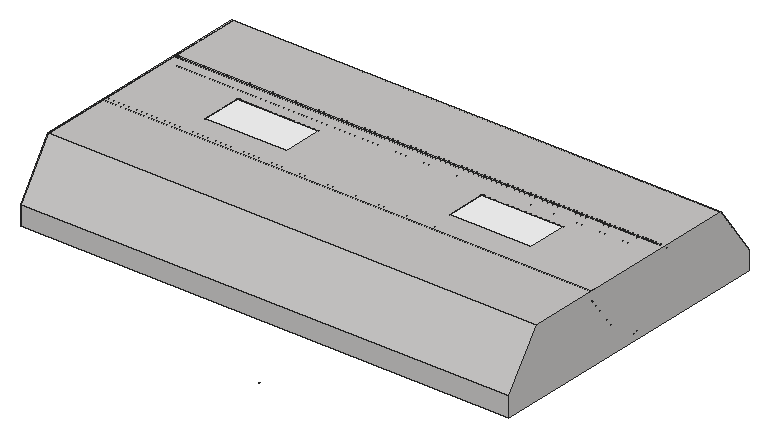
Revit family "QF_ELECTROLUXPROFESSIONAL_642373_BC2236DT", category Attrezzature speciali, Revit 2021
Family settings
  Quota connettore circolare = Usa diametro
  Tipo di parte = Normale
  Basato su piano di lavoro = No
  Sempre verticale = Sì
  Taglio con vuoti quando caricato = No
  Condiviso = No
  Punto di calcolo locali = No
Parameters (values of type "Standard")
  Weight = 133.00 kg
  Watts = 0 W
  Volts = 0 V
  URL Manufacturer = "https://www.electroluxprofessional.com/"
  URL = "https://www.electroluxprofessional.com/"
  Steam Supply Size = 0 mm
  Steam Supply Minimum Pressure = 0.0 Pa
  Steam Supply Maximum Pressure = 0.0 Pa
  Steam Consumption per Hour = 0
  Refrigeration Suction Line Size = 0 mm
  Refrigeration Liquid Line Size = 0 mm
  Refrigerant Compressor Remote = yes
  Prospetto di default = 0 mm
  Produttore = "Electrolux Professional"
  Phase = 0
  Modello = "BC2236DT"
  Length Actual = 3600 mm  # constant formula
  Item Number = "642373"
  Hot Water Size = 0 mm
  Height Actual = 500 mm  # constant formula
  HP = "0 HP"
  Gas Size = 0 mm
  Gas KW = 0
  Gas Input Pressure = 0 W
  Direct Waste Size = 0 mm
  Descrizione = "304 S/S ISLAND HOOD+FILTERS 3600X2200MM"
  Depth Actual = 2200 mm  # constant formula
  Cycle = 0 Hz
  Condensate Return Size = 0 mm
  Compressed Air Volume = 0.0 L/s
  Compressed Air Size = 0 mm
  Compressed Air Pressure = 0.0 Pa
  Cold Water Size = 0 mm
  Accessory = yes
Reference planes
  plane 1: z = 0
  plane 2 "Center (Left/Right)": x = 150
  plane 3 "LEFT": x = -1650
  plane 4 "RIGHT": x = 1950
  plane 5 "BACK": y = 550
  plane 6 "TOP": z = 2500
  plane 7 "Base": z = 2000
  plane 8: z = 1946
  plane 9: x = -1647
  plane 10 "DrainX": x = 1799
  plane 11 "AOLeft2": x = -450
  plane 12 "AORight1": x = 750
  plane 13: x = 1947
  plane 14: x = -1450
  plane 15: x = 1750
  plane 16: x = 50
  plane 17: x = 250
  plane 18 "AOLeft1": x = -1050
  plane 19 "AORight2": x = 1350
  plane 20: y = -400
  plane 21: y = -700
  plane 22 "Center (Front/Back)": y = -550
  plane 23: y = -1650
  plane 24: through (0, -601.379, 2046.209) normal (0, 0.8019, 0.5974)
  plane 25: through (0, -498.621, 2046.209) normal (0, 0.8019, -0.5974)
  plane 26: z = 2140
Forms (mm)
  Extrusion 1, solid, material "QF_Finishes_Stainless Steel"
    sketch origin (-1650, 0, 360) x (0, 1, 0) y (0, 0, 1)
      loop
        line (550, 1640) -> (550, 1780) -> (299.446, 2140) -> (-1399.446, 2140) -> (-1650, 1780) -> (-1650, 1640) -> (550, 1640)
    from 0 to 3
  Extrusion 2, solid, material "QF_Finishes_Stainless Steel"
    sketch origin (1950, 0, 360) x (0, 1, 0) y (0, 0, 1)
      loop
        line (550, 1640) -> (550, 1780) -> (299.446, 2140) -> (-1399.446, 2140) -> (-1650, 1780) -> (-1650, 1640) -> (550, 1640)
    from 0 to -3
  Extrusion 3, solid, material "QF_Finishes_Stainless Steel"
    sketch origin (150, 0, 360) x (0, 1, 0) y (0, 0, 1)
      loop
        line (-1399.446, 2140) -> (-1650, 1780) -> (-1650, 1640) -> (-1640, 1640) -> (-1640, 1640.8) -> (-1649.2, 1640.8) -> (-1649.2, 1779.739) -> (-1399.025, 2139.19) -> (299.025, 2139.19) -> (549.2, 1779.739) -> (549.2, 1640.8) -> (540, 1640.8) -> (540, 1640) -> (550, 1640) -> (550, 1780) -> (299.446, 2140) -> (-1399.446, 2140)
    from -1800 to 1800
  Extrusion 4, void
    sketch origin (0, 0, 2500) x (0, 1, 0) y (-1, 0, 0)
      loop
        line (-400, 450) -> (-400, 1050) -> (-700, 1050) -> (-700, 450) -> (-400, 450)
    from 0 to -10
  Extrusion 5, solid, material "QF_Finishes_Stainless Steel"
    sketch origin (0, 0, 0) x (1, 0, 0) y (0, 1, 0)
      loop
        line (-1650, 550) -> (-1650, 549) -> (-1649, 549) -> (-1649, 550) -> (-1650, 550)
    from 0 to 1
  Extrusion 6, solid, material "QF_Finishes_Stainless Steel"
    sketch origin (150, -400, 360) x (0, 1, 0) y (0, 0, 1)
      loop
        line (-498.883, 2085.553) -> (-201.379, 1686.209) -> (-185.34, 1698.157) -> (-482.844, 2097.501) -> (-498.883, 2085.553)
      loop
        line (198.883, 2085.553) -> (182.844, 2097.501) -> (-114.66, 1698.157) -> (-98.621, 1686.209) -> (198.883, 2085.553)
    from -1600 to -1797
  Extrusion 7, solid, material "QF_Finishes_Stainless Steel"
    sketch origin (150, -400, 360) x (0, 1, 0) y (0, 0, 1)
      loop
        arc (-83.944, 1704.554) -> (-84.545, 1704.706) -> (-85.077, 1704.389) r 0.81
        line (-85.077, 1704.389) -> (-99.535, 1684.991) -> (-116.611, 1687.002) -> (-113.609, 1712.615) -> (-114.407, 1712.708) -> (-117.406, 1687.095)
        arc (-117.406, 1687.095) -> (-117.237, 1686.499) -> (-116.695, 1686.197) r 0.81
        line (-116.695, 1686.197) -> (-99.628, 1684.196)
        arc (-99.628, 1684.196) -> (-99.213, 1684.257) -> (-98.884, 1684.517) r 0.81
        line (-98.884, 1684.517) -> (-84.436, 1703.911) -> (-73.692, 1695.919) -> (-99.855, 1660.79) -> (-200.145, 1660.79) -> (-226.308, 1695.919) -> (-215.564, 1703.911) -> (-201.116, 1684.517)
        arc (-201.116, 1684.517) -> (-200.787, 1684.257) -> (-200.372, 1684.196) r 0.81
        line (-200.372, 1684.196) -> (-183.305, 1686.197)
        arc (-183.305, 1686.197) -> (-182.763, 1686.499) -> (-182.594, 1687.095) r 0.81
        line (-182.594, 1687.095) -> (-185.593, 1712.708) -> (-186.391, 1712.615) -> (-183.389, 1687.002) -> (-200.465, 1684.991) -> (-214.923, 1704.389)
        arc (-214.923, 1704.389) -> (-215.455, 1704.706) -> (-216.056, 1704.554) r 0.81
        line (-216.056, 1704.554) -> (-226.786, 1696.561)
        arc (-226.786, 1696.561) -> (-227.103, 1696.028) -> (-226.951, 1695.427) r 0.81
        line (-226.951, 1695.427) -> (-200.843, 1660.381)
        arc (-200.843, 1660.381) -> (-200.5, 1660.093) -> (-200.063, 1659.99) r 0.972
        line (-200.063, 1659.99) -> (-99.951, 1659.99)
        arc (-99.951, 1659.99) -> (-99.502, 1660.096) -> (-99.149, 1660.393) r 1
        line (-99.149, 1660.393) -> (-73.049, 1695.427)
        arc (-73.049, 1695.427) -> (-72.897, 1696.028) -> (-73.214, 1696.561) r 0.81
        line (-73.214, 1696.561) -> (-83.944, 1704.554)
      loop
        line (-492.735, 2139.19) -> (-492.735, 2129.205) -> (-517.587, 2110.686)
        arc (-517.587, 2110.686) -> (-517.904, 2110.153) -> (-517.752, 2109.552) r 0.81
        line (-517.752, 2109.552) -> (-484.894, 2065.446) -> (-495.625, 2057.438) -> (-495.147, 2056.796) -> (-484.418, 2064.79)
        arc (-484.418, 2064.79) -> (-484.1, 2065.322) -> (-484.252, 2065.923) r 0.81
        line (-484.252, 2065.923) -> (-517.117, 2110.038) -> (-491.935, 2128.798) -> (-491.935, 2138.4) -> (-462.776, 2138.4) -> (-462.776, 2070.563) -> (-461.976, 2069.49) -> (-461.976, 2139.19) -> (-492.735, 2139.19)
      loop
        line (192.735, 2139.19) -> (161.976, 2139.19) -> (161.976, 2069.49) -> (162.776, 2070.563) -> (162.776, 2138.4) -> (191.935, 2138.4) -> (191.935, 2128.798) -> (217.117, 2110.038) -> (184.252, 2065.923)
        arc (184.252, 2065.923) -> (184.1, 2065.322) -> (184.418, 2064.79) r 0.81
        line (184.418, 2064.79) -> (195.147, 2056.796) -> (195.625, 2057.438) -> (184.894, 2065.446) -> (217.752, 2109.552)
        arc (217.752, 2109.552) -> (217.904, 2110.153) -> (217.587, 2110.686) r 0.81
        line (217.587, 2110.686) -> (192.735, 2129.205) -> (192.735, 2139.19)
    from -1797 to 1797
  Extrusion 8, solid, material "QF_Finishes_Stainless Steel"
    sketch origin (150, -400, 360) x (0, 1, 0) y (0, 0, 1)
      loop
        line (-498.883, 2085.553) -> (-201.379, 1686.209) -> (-185.34, 1698.157) -> (-482.844, 2097.501) -> (-498.883, 2085.553)
      loop
        line (198.883, 2085.553) -> (182.844, 2097.501) -> (-114.66, 1698.157) -> (-98.621, 1686.209) -> (198.883, 2085.553)
    from 1797 to 1600
  Extrusion 9, solid, material "QF_Finishes_Stainless Steel"
    sketch origin (150, -400, 360) x (0, 1, 0) y (0, 0, 1)
      loop
        line (-498.883, 2085.553) -> (-201.379, 1686.209) -> (-185.34, 1698.157) -> (-482.844, 2097.501) -> (-498.883, 2085.553)
      loop
        line (198.883, 2085.553) -> (182.844, 2097.501) -> (-114.66, 1698.157) -> (-98.621, 1686.209) -> (198.883, 2085.553)
    from -100 to 100
  Extrusion 10, solid, material "QF_Finished_Chrome"
    sketch origin (150, -400, 360) x (0, 1, 0) y (0, 0, 1)
      loop
        line (-498.883, 2085.553) -> (-201.379, 1686.209) -> (-185.34, 1698.157) -> (-482.844, 2097.501) -> (-498.883, 2085.553)
      loop
        line (198.883, 2085.553) -> (182.844, 2097.501) -> (-114.66, 1698.157) -> (-98.621, 1686.209) -> (198.883, 2085.553)
    from -1600 to -100
  Extrusion 11, solid, material "QF_Finished_Chrome"
    sketch origin (150, -400, 360) x (0, 1, 0) y (0, 0, 1)
      loop
        line (-498.883, 2085.553) -> (-201.379, 1686.209) -> (-185.34, 1698.157) -> (-482.844, 2097.501) -> (-498.883, 2085.553)
      loop
        line (198.883, 2085.553) -> (182.844, 2097.501) -> (-114.66, 1698.157) -> (-98.621, 1686.209) -> (198.883, 2085.553)
    from 100 to 1600
  Sweep 12, solid, material "QF_Finishes_Stainless Steel"
    path origin (0, 0, 0) x (1, 0, 0) y (0, 1, 0)
      loop
        line (1950, 550) -> (-1650, 550) -> (-1650, -1650) -> (1950, -1650) -> (1950, 550)
    profile origin (1950, -550, 0) x (1, 0, 0) y (0, 0, 1)
      loop
        line (-3, 2000) -> (-3, 2000.8) -> (-19, 2000.8) -> (-19, 2010) -> (-20, 2010) -> (-20, 2000) -> (-3, 2000)
  Extrusion 13, void
    sketch origin (0, 0, 2500) x (0, 1, 0) y (-1, 0, 0)
      loop
        line (-400, -1350) -> (-400, -750) -> (-700, -750) -> (-700, -1350) -> (-400, -1350)
    from 0 to -10
  Extrusion 14, solid, material "QF_Finishes_Stainless Steel"
    sketch origin (1799, 0, 0) x (0, 1, 0) y (0, 0, 1)
      loop
        arc (-518.5, 1946) -> (-511.429, 1948.929) -> (-508.5, 1956) r 10
        line (-508.5, 1956) -> (-508.5, 2000.8) -> (-591.5, 2000.8) -> (-591.5, 1956)
        arc (-591.5, 1956) -> (-588.571, 1948.929) -> (-581.5, 1946) r 10
        line (-581.5, 1946) -> (-518.5, 1946)
    from -90 to 90
  Extrusion 15, solid, material "QF_Finishes_Stainless Steel"
    sketch origin (0, -1100, 2000) x (0, 1, 0) y (-1, 0, 0)
      loop
        circle (550, -1799) r 6.35
    from -3.799 to 0
Cuts and joins
  Extrusion 4, Extrusion 13 cuts Extrusion 3
  joined: Extrusion 2, Extrusion 3, Sweep 12
Lines and regions (mm)
  symbolic lines, style "SpecialityEquipment", detail levels coarse
    curve 1: line (1950, 550, 2500) -> (-1650, 550, 2500)
    curve 2: line (-1650, 550, 2500) -> (-1650, -1650, 2500)
    curve 3: line (1950, -1650, 2500) -> (1950, 550, 2500)
    curve 4: line (-1650, 299.446, 0) -> (1950, -1399.446, 0)
    curve 5: line (1950, 299.446, 0) -> (-1650.605, -1399.446, 0)
  symbolic lines, detail levels coarse
    curve 6: line (-1050, -700, 0) -> (-450, -700, 0)
    curve 7: line (-1050, -400, 0) -> (-1050, -700, 0)
    curve 8: line (-450, -400, 0) -> (-1050, -400, 0)
    curve 9: line (-450, -700, 0) -> (-450, -400, 0)
    curve 10: line (750, -400, 0) -> (750, -700, 0)
    curve 11: line (1350, -400, 0) -> (750, -400, 0)
    curve 12: line (1350, -700, 0) -> (1350, -400, 0)
    curve 13: line (750, -700, 0) -> (1350, -700, 0)
    curve 14: line (-1650.605, -1399.446, 0) -> (1950, -1399.446, 0)
    curve 15: line (1950, 299.446, 0) -> (-1650, 299.446, 0)
    curve 16: line (-1650, -1650, 0) -> (1950, -1650, 0)
Dimensions and locks
  plane 3 "LEFT" to plane 4 "RIGHT" = 3600 mm
  equal spacing: plane 3 "LEFT", plane 2 "Center (Left/Right)", plane 4 "RIGHT"
  plane 3 "LEFT" to plane 9 = 3 mm
  plane 10 "DrainX" to plane 4 "RIGHT" = 151 mm
  plane 13 to plane 4 "RIGHT" = 3 mm
  plane 3 "LEFT" to plane 14 = 200 mm
  plane 15 to plane 4 "RIGHT" = 200 mm
  locked: plane 11 "AOLeft2" to plane 12 "AORight1" at 1200
  equal spacing: plane 11 "AOLeft2", plane 2 "Center (Left/Right)", plane 12 "AORight1"
  locked: plane 7 "Base" to level at 2000
  locked: plane 16 to plane 17 at 200
  equal spacing: plane 16, plane 2 "Center (Left/Right)", plane 17
  plane 18 "AOLeft1" to plane 11 "AOLeft2" = 600 mm
  plane 12 "AORight1" to plane 19 "AORight2" = 600 mm
  plane 7 "Base" to plane 8 = 54 mm
  locked: plane 6 "TOP" to plane 7 "Base" at 500
  plane 5 "BACK" to plane 23 = 2200 mm  (x2)
  equal spacing: plane 5 "BACK", plane 22 "Center (Front/Back)", plane 23
  plane 21 to plane 20 = 300 mm
  equal spacing: plane 21, plane 22 "Center (Front/Back)", plane 20
  plane 26 to plane 7 "Base" = 140 mm
  aligned and locked: level to plane 1
  aligned and locked: plane 4 "RIGHT" to Extrusion 3
  aligned and locked: Extrusion 3 to plane 3 "LEFT"
  aligned and locked: Extrusion 6 to plane 9
  aligned and locked: plane 14 to Extrusion 6
  aligned and locked: Extrusion 2 to plane 13
  aligned and locked: plane 13 to Extrusion 8
  aligned and locked: Extrusion 8 to plane 15
  aligned and locked: plane 17 to Extrusion 9
  aligned and locked: Extrusion 9 to plane 16
  aligned and locked: plane 16 to Extrusion 10
  aligned and locked: Extrusion 10 to plane 14
  aligned and locked: Extrusion 11 to plane 17
  aligned and locked: Extrusion 11 to plane 15
  aligned and locked: Extrusion 7 to plane 9
  aligned and locked: plane 13 to Extrusion 7
  aligned and locked: Extrusion 4 to plane 18 "AOLeft1"
  aligned and locked: Extrusion 4 to plane 11 "AOLeft2"
  aligned and locked: plane 12 "AORight1" to Extrusion 13
  aligned and locked: plane 19 "AORight2" to Extrusion 13
  aligned and locked: plane 21 to Extrusion 13
  aligned and locked: plane 21 to Extrusion 4
  aligned and locked: plane 20 to Extrusion 13
  aligned and locked: plane 20 to Extrusion 4
  aligned and locked: curve 6 to Extrusion 4
  aligned and locked: curve 7 to Extrusion 4
  aligned and locked: curve 8 to Extrusion 4
  aligned and locked: curve 9 to Extrusion 4
  aligned and locked: curve 10 to Extrusion 13
  aligned and locked: curve 11 to Extrusion 13
  aligned and locked: curve 12 to Extrusion 13
  aligned and locked: curve 13 to Extrusion 13
Automatic sketch dimensions
  Extrusion 4 sketch curve to plane 11 "AOLeft2" = 0 mm
  Extrusion 4 sketch curve to plane 18 "AOLeft1" = 0 mm
  Extrusion 5 sketch curve to plane 3 "LEFT" = 0 mm
  Extrusion 5 sketch curve to plane 5 "BACK" = 0 mm
  plane 3 "LEFT" to Extrusion 5 sketch curve = 1 mm
  Extrusion 5 sketch curve to Extrusion 5 sketch curve = 1 mm
  Sweep 12 sketch curve to plane 3 "LEFT" = 0 mm
  Sweep 12 sketch curve to plane 4 "RIGHT" = 0 mm
  Sweep 12 sketch curve to plane 5 "BACK" = 0 mm
  profile plane to Sweep 12 sketch curve = 20 mm
  Sweep 12 sketch curve to Sweep 12 sketch curve = 1 mm
  profile plane to Sweep 12 sketch curve = 3 mm
  level to Sweep 12 sketch curve = 2000 mm
  Sweep 12 sketch curve to Sweep 12 sketch curve = 0.8 mm
  Sweep 12 sketch curve to Sweep 12 sketch curve = 9.2 mm
  Extrusion 13 sketch curve to plane 11 "AOLeft2" = 1800 mm
  plane 18 "AOLeft1" to Extrusion 13 sketch curve = 1800 mm
  Extrusion 13 sketch curve to Extrusion 13 sketch curve = 300 mm
  Extrusion 13 sketch curve to plane 20 = 0 mm
  plane 21 to Extrusion 2 sketch curve = 699.446 mm
  plane 21 to Sweep 12 sketch curve = 950 mm
  plane 21 to Extrusion 4 sketch curve = 0 mm
  Extrusion 4 sketch curve to plane 20 = 0 mm
  Extrusion 15 sketch curve to plane 10 "DrainX" = 0 mm
  Extrusion 15 sketch curve to plane 22 "Center (Front/Back)" = 0 mm
  Extrusion 14 sketch curve to plane 8 = 0 mm
  plane 8 to Extrusion 14 sketch curve = 10 mm
  Extrusion 14 sketch curve to plane 22 "Center (Front/Back)" = 41.5 mm
  plane 22 "Center (Front/Back)" to Extrusion 14 sketch curve = 31.5 mm
  plane 7 "Base" to Extrusion 14 sketch curve = 0.8 mm
  plane 22 "Center (Front/Back)" to Extrusion 14 sketch curve = 41.5 mm
  plane 21 to Extrusion 6 sketch curve = 198.883 mm
  Extrusion 6 sketch curve to plane 6 "TOP" = 42.499 mm  (x2)
  Extrusion 6 sketch curve to Extrusion 6 sketch curve = 16.039 mm  (x2)
  Extrusion 6 sketch curve to plane 22 "Center (Front/Back)" = 51.379 mm
  plane 22 "Center (Front/Back)" to Extrusion 6 sketch curve = 35.34 mm
  plane 20 to Extrusion 6 sketch curve = 182.844 mm
  Extrusion 6 sketch curve to Extrusion 6 sketch curve = 11.948 mm  (x2)
  Extrusion 7 sketch curve to plane 6 "TOP" = 30.448 mm  (x2)
  plane 21 to Extrusion 7 sketch curve = 217.752 mm
  Extrusion 7 sketch curve to plane 6 "TOP" = 29.314 mm  (x2)
  Extrusion 7 sketch curve to Extrusion 7 sketch curve = 0.166 mm  (x3)
  Extrusion 7 sketch curve to plane 6 "TOP" = 29.962 mm  (x2)
  Extrusion 7 sketch curve to Extrusion 7 sketch curve = 0.47 mm  (x2)
  Extrusion 7 sketch curve to Extrusion 7 sketch curve = 0.014 mm  (x2)
  Extrusion 7 sketch curve to plane 6 "TOP" = 82.562 mm  (x2)
  Extrusion 7 sketch curve to Extrusion 7 sketch curve = 22.127 mm
  Extrusion 7 sketch curve to plane 6 "TOP" = 83.204 mm  (x2)
  Extrusion 7 sketch curve to Extrusion 7 sketch curve = 0.478 mm  (x5)
  Extrusion 7 sketch curve to plane 6 "TOP" = 0.81 mm  (x2)
  Extrusion 7 sketch curve to Extrusion 7 sketch curve = 24.852 mm
  Extrusion 7 sketch curve to Extrusion 7 sketch curve = 0.8 mm  (x5)
  Extrusion 7 sketch curve to Extrusion 7 sketch curve = 10.724 mm
  Extrusion 7 sketch curve to plane 6 "TOP" = 74.554 mm  (x2)
  Extrusion 7 sketch curve to Extrusion 7 sketch curve = 0.008 mm  (x6)
  Extrusion 7 sketch curve to plane 6 "TOP" = 75.21 mm  (x2)
  Extrusion 7 sketch curve to plane 6 "TOP" = 74.077 mm  (x2)
  Extrusion 7 sketch curve to Extrusion 7 sketch curve = 0.642 mm  (x2)
  Extrusion 7 sketch curve to plane 6 "TOP" = 69.437 mm  (x2)
  Extrusion 7 sketch curve to Extrusion 7 sketch curve = 21.476 mm  (x2)
  Extrusion 7 sketch curve to plane 21 = 73.049 mm
  Extrusion 7 sketch curve to Extrusion 7 sketch curve = 0.006 mm  (x4)
  Extrusion 7 sketch curve to Extrusion 7 sketch curve = 10.73 mm  (x3)
  Extrusion 7 sketch curve to Extrusion 7 sketch curve = 0.484 mm  (x4)
  Extrusion 7 sketch curve to Extrusion 7 sketch curve = 0.641 mm  (x2)
  Extrusion 7 sketch curve to Extrusion 7 sketch curve = 14.448 mm
  plane 7 "Base" to Extrusion 7 sketch curve = 20.381 mm
  Extrusion 7 sketch curve to Extrusion 7 sketch curve = 0.273 mm
  Extrusion 7 sketch curve to Extrusion 7 sketch curve = 0.65 mm  (x2)
  Extrusion 7 sketch curve to Extrusion 7 sketch curve = 0.001 mm  (x4)
  Extrusion 7 sketch curve to Extrusion 7 sketch curve = 0.093 mm  (x2)
  plane 7 "Base" to Extrusion 7 sketch curve = 20.79 mm
  Extrusion 7 sketch curve to Extrusion 7 sketch curve = 0.698 mm
  Extrusion 7 sketch curve to Extrusion 7 sketch curve = 0.081 mm
  Extrusion 7 sketch curve to Extrusion 7 sketch curve = 28.531 mm
  Extrusion 7 sketch curve to Extrusion 7 sketch curve = 0.799 mm  (x2)
  Extrusion 7 sketch curve to Extrusion 7 sketch curve = 17.067 mm  (x2)
  Extrusion 7 sketch curve to Extrusion 7 sketch curve = 0.01 mm  (x4)
  Extrusion 7 sketch curve to Extrusion 7 sketch curve = 0.094 mm
  Extrusion 7 sketch curve to Extrusion 7 sketch curve = 0.795 mm  (x2)
  plane 22 "Center (Front/Back)" to Extrusion 7 sketch curve = 32.594 mm
  Extrusion 7 sketch curve to Extrusion 7 sketch curve = 0.71 mm
  Extrusion 7 sketch curve to Extrusion 7 sketch curve = 2.998 mm
  Extrusion 7 sketch curve to Extrusion 7 sketch curve = 16.745 mm
  Extrusion 7 sketch curve to Extrusion 7 sketch curve = 0.095 mm
  plane 7 "Base" to Extrusion 7 sketch curve = 20.393 mm
  Extrusion 7 sketch curve to Extrusion 7 sketch curve = 0.707 mm
  Extrusion 7 sketch curve to Extrusion 7 sketch curve = 0.651 mm
  Extrusion 7 sketch curve to Extrusion 7 sketch curve = 14.456 mm
  Extrusion 7 sketch curve to plane 6 "TOP" = 70.51 mm  (x2)
  plane 20 to Extrusion 7 sketch curve = 161.976 mm
  Extrusion 7 sketch curve to plane 6 "TOP" = 1.6 mm
  Extrusion 7 sketch curve to Extrusion 7 sketch curve = 29.159 mm
  Extrusion 7 sketch curve to Extrusion 7 sketch curve = 24.368 mm
  Extrusion 7 sketch curve to Extrusion 7 sketch curve = 0.636 mm
  Extrusion 7 sketch curve to Extrusion 7 sketch curve = 23.206 mm
  Extrusion 7 sketch curve to Extrusion 7 sketch curve = 23.234 mm
  Extrusion 7 sketch curve to Extrusion 7 sketch curve = 0.321 mm  (x2)
  Extrusion 7 sketch curve to Extrusion 7 sketch curve = 2.001 mm  (x2)
  Extrusion 7 sketch curve to Extrusion 7 sketch curve = 0.804 mm  (x2)
  Extrusion 7 sketch curve to Extrusion 7 sketch curve = 10.911 mm  (x2)
  Extrusion 7 sketch curve to Extrusion 7 sketch curve = 7.993 mm  (x2)
  Extrusion 7 sketch curve to Extrusion 7 sketch curve = 25.613 mm  (x2)
  Extrusion 7 sketch curve to Extrusion 7 sketch curve = 0.407 mm  (x2)
  Extrusion 7 sketch curve to Extrusion 7 sketch curve = 0.79 mm
  Extrusion 3 sketch curve to plane 7 "Base" = 0 mm  (x2)
  Extrusion 3 sketch curve to plane 23 = 0 mm
  Extrusion 3 sketch curve to plane 5 "BACK" = 0 mm
  plane 23 to Extrusion 3 sketch curve = 0.8 mm
  plane 7 "Base" to Extrusion 3 sketch curve = 0.8 mm  (x2)
  Extrusion 3 sketch curve to Extrusion 3 sketch curve = 9.2 mm
  plane 23 to Extrusion 3 sketch curve = 250.554 mm
  Extrusion 3 sketch curve to Extrusion 3 sketch curve = 0.421 mm  (x2)
  Extrusion 3 sketch curve to plane 6 "TOP" = 0.81 mm
  Extrusion 3 sketch curve to plane 5 "BACK" = 250.975 mm
  Extrusion 3 sketch curve to plane 5 "BACK" = 10 mm
  Extrusion 3 sketch curve to plane 5 "BACK" = 0.8 mm
  Extrusion 3 sketch curve to Extrusion 3 sketch curve = 138.939 mm  (x2)
  Extrusion 3 sketch curve to Extrusion 3 sketch curve = 0.261 mm  (x2)
  Extrusion 3 sketch curve to plane 6 "TOP" = 0 mm
  Extrusion 1 sketch curve to plane 7 "Base" = 0 mm
  Extrusion 1 sketch curve to plane 23 = 0 mm
  Extrusion 1 sketch curve to plane 6 "TOP" = 0 mm
  Extrusion 1 sketch curve to plane 5 "BACK" = 0 mm
  Extrusion 1 sketch curve to plane 5 "BACK" = 250.554 mm
  plane 7 "Base" to Extrusion 1 sketch curve = 140 mm
  Extrusion 1 sketch curve to Extrusion 1 sketch curve = 140 mm
  plane 23 to Extrusion 1 sketch curve = 250.554 mm
  Extrusion 2 sketch curve to plane 5 "BACK" = 250.554 mm
  plane 7 "Base" to Extrusion 2 sketch curve = 140 mm  (x2)
  Extrusion 2 sketch curve to plane 7 "Base" = 0 mm
  plane 23 to Extrusion 2 sketch curve = 0 mm
  Extrusion 2 sketch curve to plane 6 "TOP" = 0 mm
  Extrusion 2 sketch curve to plane 5 "BACK" = 0 mm
  plane 21 to Extrusion 10 sketch curve = 198.883 mm
  Extrusion 10 sketch curve to plane 6 "TOP" = 42.499 mm  (x2)
  Extrusion 10 sketch curve to Extrusion 10 sketch curve = 16.039 mm  (x2)
  Extrusion 10 sketch curve to plane 22 "Center (Front/Back)" = 51.379 mm
  plane 22 "Center (Front/Back)" to Extrusion 10 sketch curve = 35.34 mm
  plane 20 to Extrusion 10 sketch curve = 182.844 mm
  Extrusion 10 sketch curve to Extrusion 10 sketch curve = 11.948 mm  (x2)
  plane 21 to Extrusion 9 sketch curve = 198.883 mm
  Extrusion 9 sketch curve to plane 6 "TOP" = 42.499 mm  (x2)
  Extrusion 9 sketch curve to Extrusion 9 sketch curve = 16.039 mm  (x2)
  Extrusion 9 sketch curve to plane 22 "Center (Front/Back)" = 51.379 mm
  plane 22 "Center (Front/Back)" to Extrusion 9 sketch curve = 35.34 mm
  plane 20 to Extrusion 9 sketch curve = 182.844 mm
  Extrusion 9 sketch curve to Extrusion 9 sketch curve = 11.948 mm  (x2)
  plane 21 to Extrusion 11 sketch curve = 198.883 mm
  Extrusion 11 sketch curve to plane 6 "TOP" = 42.499 mm  (x2)
  Extrusion 11 sketch curve to Extrusion 11 sketch curve = 16.039 mm  (x2)
  Extrusion 11 sketch curve to plane 22 "Center (Front/Back)" = 51.379 mm
  plane 22 "Center (Front/Back)" to Extrusion 11 sketch curve = 35.34 mm
  plane 20 to Extrusion 11 sketch curve = 182.844 mm
  Extrusion 11 sketch curve to Extrusion 11 sketch curve = 11.948 mm  (x2)
  plane 21 to Extrusion 8 sketch curve = 198.883 mm
  Extrusion 8 sketch curve to plane 6 "TOP" = 42.499 mm  (x2)
  Extrusion 8 sketch curve to Extrusion 8 sketch curve = 16.039 mm  (x2)
  Extrusion 8 sketch curve to plane 22 "Center (Front/Back)" = 51.379 mm
  plane 22 "Center (Front/Back)" to Extrusion 8 sketch curve = 35.34 mm
  plane 20 to Extrusion 8 sketch curve = 182.844 mm
  Extrusion 8 sketch curve to Extrusion 8 sketch curve = 11.948 mm  (x2)
  curve 2 to plane 3 "LEFT" = 0 mm
  curve 2 to plane 23 = 0 mm
  curve 3 to plane 4 "RIGHT" = 0 mm
  curve 3 to plane 23 = 0 mm
  curve 2 to plane 5 "BACK" = 0 mm
  curve 15 to plane 3 "LEFT" = 0 mm
  curve 16 to plane 3 "LEFT" = 0 mm
  curve 14 to plane 4 "RIGHT" = 0 mm
  curve 15 to plane 4 "RIGHT" = 0 mm
  curve 16 to plane 4 "RIGHT" = 0 mm
  curve 16 to plane 23 = 0 mm
  curve 14 to plane 3 "LEFT" = 0.605 mm
  plane 23 to curve 4 = 250.554 mm
  curve 15 to plane 5 "BACK" = 250.554 mm
  radius of Extrusion 15 sketch curve = 6.35 mm
Connectors
  hvac at (-750, -550, 2500)
    settings: on Extrusion 4, index 2, duct flow 0.0 L/s, flow factor 0, pres drop 0.0 Pa, loss coef 0, conn angle 0.00°, conn width 300 mm, conn height 600 mm, conn diameter 609.6 mm, duct sys type 3, conn prof type 1, flow config 1, flow direction 2, loss method 0, conn ref index -1, conn util no, is conn primary yes, conn desc "EXHAUST OUTLET"
  hvac at (1050, -550, 2500)
    settings: on Extrusion 13, index 3, duct flow 0.0 L/s, flow factor 0, pres drop 0.0 Pa, loss coef 0, conn angle 0.00°, conn width 300 mm, conn height 600 mm, conn diameter 609.6 mm, duct sys type 3, conn prof type 1, flow config 1, flow direction 2, loss method 0, conn ref index -1, conn util no, is conn primary no, conn desc "EXHAUST OUTLET"
  piping at (1799, -550, 1996.201), diameter 12.7
    settings: on Extrusion 15, index 4, connector inside diameter 609.6 mm, connector length 0 mm, flow factor 0, pipe flow 0.0 L/s, pressure drop 0.0 Pa, fitting loss kfactor 0, connector angle 0.00°, fixture units 0, engagement length 0 mm, angle of deflection 0.00°, flow configuration 1, flow direction 2, fitting loss method 0, system type 16, joint type 0, gender type 0, connector reference index -1, connector utility 0, adjustable connector no, is connector primary yes, connector description "Drain"
